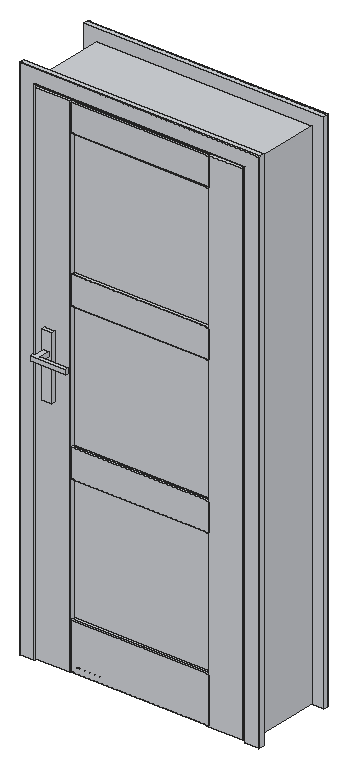
Revit family "b_portagrande_b0_pn60-100", category Drzwi, Revit 2016
Family settings
  Obiekt nadrzędny = Ściana
  Zawsze pionowo = Tak
  Tnij formami wycięć po wczytaniu = Nie
  Współdzielony = Nie
  Punkt obliczania pomieszczeń = Nie
Parameters (values of type "PN 80")
  Zakres szerokości muru [instance] = if(and(Szerokość ściany > 94 mm, Szerokość ściany < 120 mm), "B", (if(and(Szerokość ściany > 119 mm, Szerokość ściany < 140 mm), "C", (if(and(Szerokość ściany > 139 mm, Szerokość ściany < 160 mm), "D", (if(and(Szerokość ściany > 159 mm, Szerokość ściany < 180 mm), "E", (if(and(Szerokość ściany > 179 mm, Szerokość ściany < 200 mm), "F", (if(and(Szerokość ściany > 199 mm, Szerokość ściany < 220 mm), "G", (if(and(Szerokość ściany > 219 mm, Szerokość ściany < 240 mm), "H", (if(and(Szerokość ściany > 239 mm, Szerokość ściany < 260 mm), "I", (if(and(Szerokość ściany > 259 mm, Szerokość ściany < 280 mm), "J", (if(and(Szerokość ściany > 279 mm, Szerokość ściany < 301 mm), "K", "BRAK")))))))))))))))))))  # "K"
  Wysokość brutto = 2060 mm
  Szerokość ściany [instance] = 300 mm
  Szerokość brutto = 880 mm
  Model = "Porta GRANDE B.0"
  Konstrukcja analityczna = "<Brak>"
  Funkcja = Wewnętrzna
  URL = "www.porta.com.pl"
  Ss = 818 mm
  Sb = 846 mm
  Producent = "PORTA KMI POLAND"  # constant formula
  Keynote = ""
  Opis = "Własność Porta KMI Poland, wszelkie prawa zastrzeżone."  # constant formula
  Wysokość = 2016 mm
  Zakończenie ściany = Wg obiektu nadrzędnego
  Szerokość = 800 mm
  Materiał_skrzydło [instance] = none
  Materiał_ościeżnica [instance] = none
  Materiał_klamka [instance] = none
  Hs = 2017 mm
Types (5, lengths in mm): name | Szerokość brutto | Ss | Sb | Szerokość
  PN 70 | 780 | 718 | 746 | 700
  PN 60 | 680 | 618 | 646 | 600
  PN 80 | 880 | 818 | 846 | 800
  PN 90 | 980 | 918 | 946 | 900
  PN 100 | 1080 | 1018 | 1046 | 1000
Reference planes
  plane 1: y = 0
  plane 2 "Środek (Lewa/Prawa)": x = 0
  plane 3 "Lewy": x = -440
  plane 4 "Prawy": x = 440
  plane 5: z = 2060
  plane 6 "Zewnętrzna": y = 150
  plane 7 "Wewnętrzna": y = -150
  plane 8 "skrzydło": y = -129
Forms (mm)
  Sweep 1, solid, material <- "Materiał_ościeżnica"
    path in 3D
      loop
        line (-440, -150, 0) -> (-440, -150, 2060) -> (440, -150, 2060) -> (440, -150, 0)
    profile origin (-440, -150, 1030) x (0, -1, 0) y (1, 0, 0)
      loop
        line (-24, 39) -> (-72, 39) -> (-72, 17) -> (0, 17) -> (0, -33) -> (16, -33)
        arc (16, -33) -> (18.121, -32.121) -> (19, -30) r 3
        line (19, -30) -> (19, 24)
        arc (19, 24) -> (18.121, 26.121) -> (16, 27) r 3
        line (16, 27) -> (-24, 27) -> (-24, 39)
  Sweep 2, solid, material <- "Materiał_ościeżnica"
    path in 3D
      loop
        line (440, 150, 0) -> (440, 150, 2060) -> (-440, 150, 2060) -> (-440, 150, 0)
    profile origin (-440, 150, 1030) x (1, 0, 0) y (0, 1, 0)
      loop
        line (-33, 0) -> (17, 0) -> (17, -228) -> (39, -228) -> (39, -1)
        arc (39, -1) -> (37.536, 2.536) -> (34, 4) r 5
        line (34, 4) -> (25, 4) -> (25, 16)
        arc (25, 16) -> (24.121, 18.121) -> (22, 19) r 3
        line (22, 19) -> (-30, 19)
        arc (-30, 19) -> (-32.121, 18.121) -> (-33, 16) r 3
        line (-33, 16) -> (-33, 0)
  Sweep 3, solid, not visible
    path in 3D
      loop
        line (-440, -150, 0) -> (-440, -150, 2060)
    profile origin (-440, -150, 1030) x (0, -1, 0) y (1, 0, 0)
      loop
        line (-151, 17) -> (-149, 17) -> (-149, 19) -> (-151, 19) -> (-151, 17)
Cuts and joins
  joined: Sweep 1, Sweep 2
Lines and regions (mm)
  Opening 1
    outline origin (-3050, -150, 0) x (1, 0, 0) y (0, 0, 1)
      loop
        line (2610, 0) -> (3490, 0) -> (3490, 2060) -> (2610, 2060) -> (2610, 0)
  sketch lines
    curve 1: line (-440, -150, 0) -> (-440, -150, 2060)
    curve 2: line (-440, -150, 2060) -> (440, -150, 2060)
    curve 3: line (440, -150, 2060) -> (440, -150, 0)
    curve 4: line (-440, 150, 2060) -> (-440, 150, 0)
    curve 5: line (440, 150, 2060) -> (-440, 150, 2060)
    curve 6: line (440, 150, 0) -> (440, 150, 2060)
    curve 12: line (-440, -150, 0) -> (-440, -150, 2060)
  symbolic lines, style "DoorsPanelProjection"
    curve 7: line (409, -150, 0) -> (409, -968, 0)
    curve 8: line (409, -968, 0) -> (369, -968, 0)
    curve 9: line (369, -968, 0) -> (369, -150, 0)
    curve 10: line (369, -150, 0) -> (409, -150, 0)
  symbolic lines, style "Ugięcie rzutu"
    curve 11: arc (-409, -150, 0) -> (-169.413, -728.413, 0) -> (409, -968, 0) r 818
Text (mm)
  text "Zewnętrzna" at (-2295.016, 1099.543, 0), in view "Poziom odniesienia"
  text "Zewnętrzna" at (0, 1615.38, 3698.081), in view "Lewy"
  text "Zewnętrzna" at (0, 1036.032, 3874.932), in view "Prawy"
Dimensions and locks
  equal spacing: plane 3 "Lewy", plane 2 "Środek (Lewa/Prawa)", plane 4 "Prawy"
  "Szerokość brutto": plane 3 "Lewy" to plane 4 "Prawy"
  "Wysokość brutto": plane 5 to host wall
  host wall to plane 5 = 2060 mm  (x2)
  locked: plane 6 "Zewnętrzna" to host wall at 0
  locked: plane 7 "Wewnętrzna" to host wall
  "Sb": Sweep 1 to Sweep 1
  locked: Sweep 1 sketch curve to Sweep 1 sketch curve at 22
  Sweep 1 sketch curve to Sweep 1 sketch curve = 50 mm
  locked: Sweep 1 sketch curve to profile plane at 72
  locked: Sweep 2 sketch curve to Sweep 2 sketch curve at 50
  locked: Sweep 2 sketch curve to Sweep 2 sketch curve at 22
  locked: Sweep 2 sketch curve to plane 6 "Zewnętrzna" at 1
  locked: curve 9 to curve 7 at 40
  "Ss": curve 8 to curve 10
  equal spacing: curve 11, plane 2 "Środek (Lewa/Prawa)", curve 7
  locked: plane 7 "Wewnętrzna" to plane 8 "skrzydło" at 21
  locked: host wall to Sweep 3 sketch curve at 1
  locked: Sweep 3 sketch curve to host wall at 1
  locked: Sweep 3 sketch curve to plane 6 "Zewnętrzna" at 151
  locked: plane 7 "Wewnętrzna" to Sweep 3 sketch curve at 151
  equal spacing: nested 1, plane 2 "Środek (Lewa/Prawa)", nested 1
  locked: nested 1 to level at 8
  "Szerokość ściany": host wall to host wall
  aligned and locked: plane 3 "Lewy" to Opening 1 sketch curve
  aligned and locked: plane 5 to Opening 1 sketch curve  (x2)
  aligned and locked: Opening 1 sketch curve to plane 4 "Prawy"
  aligned and locked: Opening 1 sketch curve to level
  aligned and locked: plane 1 to host wall
  aligned and locked: Sweep 1 to Sweep 2 sketch curve
  aligned and locked: plane 7 "Wewnętrzna" to curve 10
  aligned and locked: Sweep 3 sketch curve to cut or joined group of Sweep 1, Sweep 2
  aligned and locked: Sweep 2 sketch curve to cut or joined group of Sweep 1, Sweep 2
  aligned and locked: nested 1 to plane 8 "skrzydło"
Automatic sketch dimensions
  profile plane to Sweep 1 sketch curve = 24 mm
  Sweep 1 sketch curve to profile plane = 16 mm  (x2)
  Sweep 1 sketch curve to Sweep 1 sketch curve = 3 mm
  profile plane to Sweep 1 sketch curve = 17 mm
  Sweep 1 sketch curve to Sweep 1 sketch curve = 7 mm
  Sweep 1 sketch curve to profile plane = 0 mm
  Sweep 2 sketch curve to profile plane = 0 mm
  Sweep 2 sketch curve to profile plane = 16 mm
  Sweep 2 sketch curve to Sweep 2 sketch curve = 3 mm
  Sweep 2 sketch curve to Sweep 2 sketch curve = 5 mm
  Sweep 2 sketch curve to profile plane = 4 mm
  Sweep 2 sketch curve to Sweep 2 sketch curve = 8 mm
  curve 11 to host wall = 0 mm
  Sweep 3 sketch curve to Sweep 3 sketch curve = 2 mm
Nested families
  nested 1: "skrzydło" at (0, -135.5, 0), Materiał_klamka <- "Materiał_klamka", Materiał_skrzydło <- "Materiał_skrzydło", type "skrzydło"
    with Materiał_skrzydło none, Materiał_klamka none
Definition of nested family "skrzydło"
  Parameters
    Ss = 818 mm
    Materiał_skrzydło [instance] = none
    Materiał_klamka [instance] = none
    Hs = 2017 mm
  Reference planes
    plane 1 "Tył": y = 6.5
    plane 2: z = 0
    plane 3 "Środek (Lewa/Prawa)": x = 0
    plane 4 "Lewa": x = -409
    plane 5 "Prawa": x = 409
    plane 6 "Przód": y = -33.5
    plane 7: z = 2025
    plane 8 "Centrum": y = -13.5
    plane 9: z = 8
    plane 10: x = -272
    plane 11: x = 272
  Forms (mm)
    Extrusion 1, solid, material <- "Materiał_skrzydło"
      sketch origin (-1191.728, -1524, 8) x (-1, 0, 0) y (0, -1, 0)
        loop
          line (-1465.378, -1490.5) -> (-1599.078, -1490.5)
          arc (-1599.078, -1490.5) -> (-1600.244, -1490.983) -> (-1600.728, -1492.15) r 1.65
          line (-1600.728, -1492.15) -> (-1600.728, -1528.8)
          arc (-1600.728, -1528.8) -> (-1600.23, -1530.002) -> (-1599.028, -1530.5) r 1.7
          line (-1599.028, -1530.5) -> (-1465.378, -1530.5)
          arc (-1465.378, -1530.5) -> (-1464.211, -1530.017) -> (-1463.728, -1528.85) r 1.65
          line (-1463.728, -1528.85) -> (-1463.728, -1492.15)
          arc (-1463.728, -1492.15) -> (-1464.211, -1490.983) -> (-1465.378, -1490.5) r 1.65
      from 0 to 2017
    Extrusion 2, solid, material <- "Materiał_skrzydło"
      sketch origin (0, 0, 0) x (0, 1, 0) y (0, 0, 1)
        loop
          line (4, 1911.65) -> (4, 2023.3)
          arc (4, 2023.3) -> (3.502, 2024.502) -> (2.3, 2025) r 1.7
          line (2.3, 2025) -> (-29.35, 2025)
          arc (-29.35, 2025) -> (-30.517, 2024.517) -> (-31, 2023.35) r 1.65
          line (-31, 2023.35) -> (-31, 1911.65)
          arc (-31, 1911.65) -> (-30.517, 1910.483) -> (-29.35, 1910) r 1.65
          line (-29.35, 1910) -> (2.35, 1910)
          arc (2.35, 1910) -> (3.517, 1910.483) -> (4, 1911.65) r 1.65
        loop
          line (2.35, 195) -> (-29.35, 195)
          arc (-29.35, 195) -> (-30.517, 194.517) -> (-31, 193.35) r 1.65
          line (-31, 193.35) -> (-31, 9.65)
          arc (-31, 9.65) -> (-30.517, 8.483) -> (-29.35, 8) r 1.65
          line (-29.35, 8) -> (-25, 8)
          arc (-25, 8) -> (-23.833, 8.483) -> (-23.35, 9.65) r 1.65
          arc (-23.35, 9.65) -> (-22.955, 10.605) -> (-22, 11) r 1.35
          line (-22, 11) -> (-5, 11)
          arc (-5, 11) -> (-4.045, 10.605) -> (-3.65, 9.65) r 1.35
          arc (-3.65, 9.65) -> (-3.167, 8.483) -> (-2, 8) r 1.65
          line (-2, 8) -> (2.35, 8)
          arc (2.35, 8) -> (3.517, 8.483) -> (4, 9.65) r 1.65
          line (4, 9.65) -> (4, 193.35)
          arc (4, 193.35) -> (3.517, 194.517) -> (2.35, 195) r 1.65
        loop
          line (2.35, 805) -> (-29.35, 805)
          arc (-29.35, 805) -> (-30.517, 804.517) -> (-31, 803.35) r 1.65
          line (-31, 803.35) -> (-31, 691.65)
          arc (-31, 691.65) -> (-30.517, 690.483) -> (-29.35, 690) r 1.65
          line (-29.35, 690) -> (2.35, 690)
          arc (2.35, 690) -> (3.517, 690.483) -> (4, 691.65) r 1.65
          line (4, 691.65) -> (4, 803.35)
          arc (4, 803.35) -> (3.517, 804.517) -> (2.35, 805) r 1.65
        loop
          line (2.35, 1415) -> (-29.35, 1415)
          arc (-29.35, 1415) -> (-30.517, 1414.517) -> (-31, 1413.35) r 1.65
          line (-31, 1413.35) -> (-31, 1301.65)
          arc (-31, 1301.65) -> (-30.517, 1300.483) -> (-29.35, 1300) r 1.65
          line (-29.35, 1300) -> (2.35, 1300)
          arc (2.35, 1300) -> (3.517, 1300.483) -> (4, 1301.65) r 1.65
          line (4, 1301.65) -> (4, 1413.35)
          arc (4, 1413.35) -> (3.517, 1414.517) -> (2.35, 1415) r 1.65
      from -272 to 272
    Extrusion 3, solid, material <- "Materiał_skrzydło"
      sketch origin (-892.016, -13.5, 1213) x (-1, 0, 0) y (0, 0, 1)
        loop
          line (-620.016, 697) -> (-1164.016, 697) -> (-1164.016, 202) -> (-620.016, 202) -> (-620.016, 697)
      from -4 to 4
    Extrusion 4, solid, material <- "Materiał_skrzydło"
      sketch origin (-892.016, -13.5, 1213) x (-1, 0, 0) y (0, 0, 1)
        loop
          line (-620.016, -408) -> (-620.016, 87) -> (-1164.016, 87) -> (-1164.016, -408) -> (-620.016, -408)
      from -4 to 4
    Extrusion 5, solid, material <- "Materiał_skrzydło"
      sketch origin (-892.016, -13.5, 1200) x (-1, 0, 0) y (0, 0, 1)
        loop
          line (-620.016, -510) -> (-1164.016, -510) -> (-1164.016, -1005) -> (-620.016, -1005) -> (-620.016, -510)
      from -4 to 4
    Extrusion 6, solid, material <- "Materiał_skrzydło"
      sketch origin (-1191.728, -1524, 8) x (-1, 0, 0) y (0, -1, 0)
        loop
          arc (-918.078, -1490.5) -> (-919.244, -1490.983) -> (-919.728, -1492.15) r 1.65
          line (-919.728, -1492.15) -> (-919.728, -1528.85)
          arc (-919.728, -1528.85) -> (-919.244, -1530.017) -> (-918.078, -1530.5) r 1.65
          line (-918.078, -1530.5) -> (-784.428, -1530.5)
          arc (-784.428, -1530.5) -> (-783.225, -1530.002) -> (-782.728, -1528.8) r 1.7
          line (-782.728, -1528.8) -> (-782.728, -1492.15)
          arc (-782.728, -1492.15) -> (-783.211, -1490.983) -> (-784.378, -1490.5) r 1.65
          line (-784.378, -1490.5) -> (-918.078, -1490.5)
      from 0 to 2017
  Dimensions and locks
    equal spacing: plane 4 "Lewa", plane 3 "Środek (Lewa/Prawa)", plane 5 "Prawa"
    "Ss": plane 4 "Lewa" to plane 5 "Prawa"
    locked: plane 9 to level at 8
    "Hs": plane 7 to plane 9
    locked: nested 1 to plane 9 at 934
    locked: plane 9 to nested 2 at 934
    equal spacing: plane 6 "Przód", plane 8 "Centrum", plane 1 "Tył"
    locked: plane 10 to plane 4 "Lewa" at 137
    locked: plane 5 "Prawa" to plane 11 at 137
    aligned and locked: nested 1 to plane 6 "Przód"
    aligned and locked: plane 5 "Prawa" to Extrusion 1 sketch curve
    aligned and locked: Extrusion 1 sketch curve to plane 1 "Tył"
    aligned and locked: Extrusion 1 sketch curve to plane 6 "Przód"
    aligned and locked: Extrusion 1 sketch curve to plane 11
    aligned and locked: plane 7 to Extrusion 1
    aligned and locked: Extrusion 2 to plane 10
    aligned and locked: plane 11 to Extrusion 2
    aligned and locked: plane 10 to Extrusion 3 sketch curve
    aligned and locked: plane 11 to Extrusion 3 sketch curve
    aligned and locked: Extrusion 2 to Extrusion 4 sketch curve  (x2)
    aligned and locked: plane 10 to Extrusion 5 sketch curve
    aligned and locked: plane 11 to Extrusion 5 sketch curve
    aligned and locked: plane 4 "Lewa" to Extrusion 6 sketch curve
    aligned and locked: Extrusion 6 sketch curve to plane 10
    aligned and locked: plane 7 to Extrusion 6
    aligned and locked: nested 2 to nested 1
  Automatic sketch dimensions
    Extrusion 4 sketch curve to plane 7 = 725 mm
    Extrusion 4 sketch curve to Extrusion 4 sketch curve = 495 mm
    Extrusion 6 sketch curve to plane 6 "Przód" = 0 mm
    plane 1 "Tył" to Extrusion 6 sketch curve = 0 mm
    Extrusion 6 sketch curve to plane 10 = 1.65 mm
    plane 1 "Tył" to Extrusion 6 sketch curve = 1.65 mm
    plane 4 "Lewa" to Extrusion 6 sketch curve = 1.7 mm
    plane 4 "Lewa" to Extrusion 6 sketch curve = 1.65 mm
    Extrusion 1 sketch curve to Extrusion 1 sketch curve = 1.65 mm
    Extrusion 1 sketch curve to plane 5 "Prawa" = 1.7 mm
    plane 11 to Extrusion 1 sketch curve = 1.65 mm  (x2)
    Extrusion 2 sketch curve to plane 7 = 0 mm
    Extrusion 2 sketch curve to plane 9 = 0 mm  (x2)
    plane 6 "Przód" to Extrusion 2 sketch curve = 2.5 mm  (x4)
    Extrusion 2 sketch curve to plane 7 = 1.65 mm
    Extrusion 2 sketch curve to Extrusion 2 sketch curve = 1.65 mm  (x11)
    plane 9 to Extrusion 2 sketch curve = 1.65 mm  (x2)
    Extrusion 2 sketch curve to Extrusion 2 sketch curve = 4.35 mm
    Extrusion 2 sketch curve to Extrusion 2 sketch curve = 0 mm  (x2)
    Extrusion 2 sketch curve to Extrusion 2 sketch curve = 1.35 mm
    plane 8 "Centrum" to Extrusion 2 sketch curve = 8.5 mm
    Extrusion 2 sketch curve to plane 7 = 1.7 mm
    plane 1 "Tył" to Extrusion 2 sketch curve = 4.2 mm
    plane 1 "Tył" to Extrusion 2 sketch curve = 4.15 mm  (x6)
    Extrusion 2 sketch curve to Extrusion 2 sketch curve = 182.35 mm
    Extrusion 2 sketch curve to Extrusion 2 sketch curve = 495 mm  (x2)
    Extrusion 2 sketch curve to Extrusion 2 sketch curve = 111.7 mm  (x2)
    Extrusion 2 sketch curve to Extrusion 2 sketch curve = 113.3 mm
    Extrusion 3 sketch curve to plane 7 = 610 mm
    Extrusion 3 sketch curve to plane 7 = 115 mm
    plane 9 to Extrusion 5 sketch curve = 187 mm
    Extrusion 5 sketch curve to Extrusion 5 sketch curve = 495 mm
  Nested families
    nested 1: "KLAMKA" at (-354, -33.5, 1067), Materiał klamki <- "Materiał_klamka", type "KLAMKA"
      with Materiał klamki none
    nested 2: "KLAMKA" at (-354, 6.5, 1067), Materiał klamki <- "Materiał_klamka", type "KLAMKA"
      with Materiał klamki none
  Definition of nested family "KLAMKA"
    Parameters
      Materiał klamki [instance] = none
      Assembly Code = ""
      Default Elevation = 1219.2 mm
    Reference planes
      plane 1 "Center (Front/Back)": y = 0
      plane 2: z = 0
      plane 3 "Center (Left/Right)": x = 0
      plane 4: z = 125
      plane 5: z = -125
      plane 6: x = 20
      plane 7: x = -20
      plane 8: y = -70
      plane 9: y = -60
      plane 10: x = 10
      plane 11: x = -10
      plane 12: x = 120
      plane 13: z = 35
      plane 14: z = 55
      plane 15: y = -15
    Forms (mm)
      Extrusion 1, solid, material <- "Materiał klamki"
        sketch origin (0, 0, 0) x (1, 0, 0) y (0, 0, 1)
          loop
            line (-20, 125) -> (-20, -125) -> (20, -125) -> (20, 125) -> (-20, 125)
        from 0 to 15
      Extrusion 2, solid, material <- "Materiał klamki"
        sketch origin (0, 0, 0) x (1, 0, 0) y (0, 1, 0)
          loop
            line (-10, -15) -> (-10, -60) -> (-20, -60) -> (-20, -70) -> (120, -70) -> (120, -60) -> (10, -60) -> (10, -15) -> (-10, -15)
        from 35 to 55
    Dimensions and locks
      equal spacing: plane 4, plane 2, plane 5
      plane 4 to plane 5 = 250 mm
      equal spacing: plane 7, plane 3 "Center (Left/Right)", plane 6
      plane 7 to plane 6 = 40 mm
      plane 8 to plane 1 "Center (Front/Back)" = 70 mm
      plane 11 to plane 3 "Center (Left/Right)" to plane 10 = 10 mm locked, 10 mm locked
      plane 7 to plane 12 = 140 mm
      plane 15 to plane 1 "Center (Front/Back)" = 15 mm
      aligned and locked: plane 7 to Extrusion 1 sketch curve
      aligned and locked: Extrusion 1 sketch curve to plane 4
      aligned and locked: plane 5 to Extrusion 1 sketch curve
      aligned and locked: Extrusion 1 sketch curve to plane 6
      aligned and locked: plane 15 to Extrusion 1
      aligned and locked: Extrusion 1 to plane 1 "Center (Front/Back)"
      aligned and locked: plane 14 to Extrusion 2
      aligned and locked: Extrusion 2 to plane 13
    Automatic sketch dimensions
      Extrusion 2 sketch curve to plane 7 = 0 mm
      Extrusion 2 sketch curve to plane 9 = 0 mm  (x2)
      Extrusion 2 sketch curve to plane 11 = 0 mm
      Extrusion 2 sketch curve to plane 10 = 0 mm
      Extrusion 2 sketch curve to plane 12 = 0 mm
      Extrusion 2 sketch curve to plane 8 = 0 mm
      Extrusion 2 sketch curve to plane 15 = 0 mm
